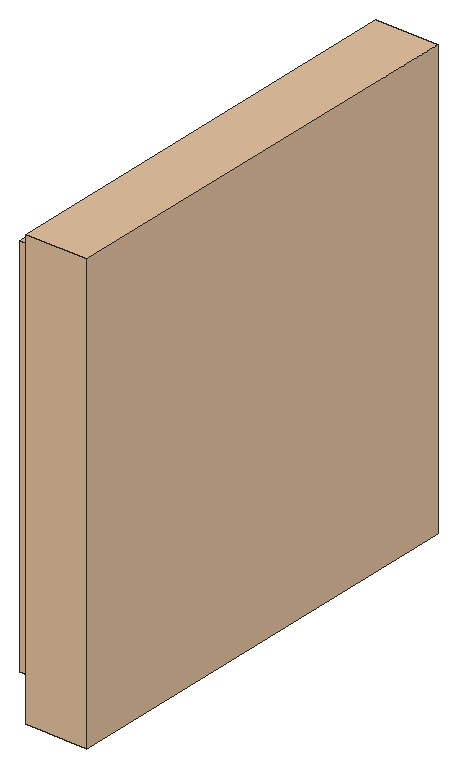
Revit family "M_Terminação - Madeira - Retangular", category Terminações, Revit 2019
Family settings
  Com base no plano de trabalho = Não
  Sempre na vertical = Sim
  Corte com vazios quando carregada = Não
  Compartilhado = Não
Parameters
  Largura = 100 mm
  Material de terminação = Cerejeira
  T1 = 6 mm
  Comprimento da extensão = 20 mm
Reference planes
  plane 1 "Centro (Frente/Trás)": y = 0
  plane 2: z = 0
  plane 3 "Centro (Esquerda/Direita)": x = 0
  plane 4: x = 20
  plane 5: x = 6
  plane 6: y = 50
  plane 7: y = -50
  plane 8: z = 50
  plane 9: z = -50
  plane 10: z = 44
  plane 11: z = -44
  plane 12: y = 44
  plane 13: y = -44
Forms (mm)
  Extrusion 1, solid, material "Cerejeira" <- "Material de terminação"
    sketch origin (0, 0, 0) x (0, 1, 0) y (0, 0, 1)
      loop
        line (50, 50) -> (-50, 50) -> (-50, -50) -> (50, -50) -> (50, 50)
    from 6 to 20
  Extrusion 2, solid, material "Cerejeira" <- "Material de terminação"
    sketch origin (0, 0, 0) x (0, 1, 0) y (0, 0, 1)
      loop
        line (44, 44) -> (-44, 44) -> (-44, -44) -> (44, -44) -> (44, 44)
    from 0 to 6
Lines and regions (mm)
  Masking region 1, detail levels fine
    outline origin (0, 0, 0) x (1, 0, 0) y (0, 1, 0)
      loop
        line (0, 44) -> (0, -44) -> (6, -44) -> (6, -50) -> (20, -50) -> (20, 50) -> (6, 50) -> (6, 44) -> (0, 44)
  symbolic lines, detail levels fine
    curve 1: line (6, 50, 0) -> (20, 50, 0)
    curve 2: line (6, -50, 0) -> (6, 50, 0)
    curve 3: line (20, -50, 0) -> (6, -50, 0)
    curve 4: line (20, 50, 0) -> (20, -50, 0)
    curve 5: line (6, 44, 0) -> (0, 44, 0)
    curve 6: line (0, 44, 0) -> (0, -44, 0)
    curve 7: line (0, -44, 0) -> (6, -44, 0)
Dimensions and locks
  "Comprimento da extensão": plane 3 "Centro (Esquerda/Direita)" to plane 4
  "T1": plane 3 "Centro (Esquerda/Direita)" to plane 5
  equal spacing: plane 6, plane 1 "Centro (Frente/Trás)", plane 7
  equal spacing: plane 8, plane 2, plane 9
  "Largura": plane 6 to plane 7
  locked: plane 8 to plane 10 at 6
  locked: plane 11 to plane 9 at 6
  locked: plane 6 to plane 12 at 6
  locked: plane 13 to plane 7 at 6
  "Largura": plane 8 to plane 9
  aligned and locked: level to plane 2
  aligned and locked: Extrusion 1 sketch curve to plane 8
  aligned and locked: plane 9 to Extrusion 1 sketch curve
  aligned and locked: plane 6 to Extrusion 1 sketch curve
  aligned and locked: Extrusion 1 sketch curve to plane 7
  aligned and locked: plane 10 to Extrusion 2 sketch curve
  aligned and locked: Extrusion 2 sketch curve to plane 12
  aligned and locked: Extrusion 2 sketch curve to plane 11
  aligned and locked: plane 13 to Extrusion 2 sketch curve
  aligned and locked: plane 5 to Extrusion 2
  aligned and locked: Extrusion 1 to plane 5
  aligned and locked: plane 4 to Extrusion 1
  aligned and locked: plane 5 to Extrusion 1
  aligned and locked: Extrusion 2 to plane 5
  aligned and locked: Extrusion 2 to plane 3 "Centro (Esquerda/Direita)"
  aligned and locked: Extrusion 1 to plane 4
  aligned and locked: plane 6 to Masking region 1 sketch curve
  aligned and locked: Masking region 1 sketch curve to plane 4
  aligned and locked: Masking region 1 sketch curve to plane 7
  aligned and locked: plane 5 to Masking region 1 sketch curve  (x2)
  aligned and locked: plane 12 to Masking region 1 sketch curve
  aligned and locked: Masking region 1 sketch curve to plane 13
  aligned and locked: plane 3 "Centro (Esquerda/Direita)" to Masking region 1 sketch curve
  aligned and locked: plane 6 to curve 1
  aligned and locked: curve 3 to plane 7
  aligned and locked: plane 5 to curve 2
  aligned and locked: curve 4 to plane 4
  aligned and locked: curve 5 to plane 12
  aligned and locked: plane 13 to curve 7
  aligned and locked: curve 6 to plane 3 "Centro (Esquerda/Direita)"
